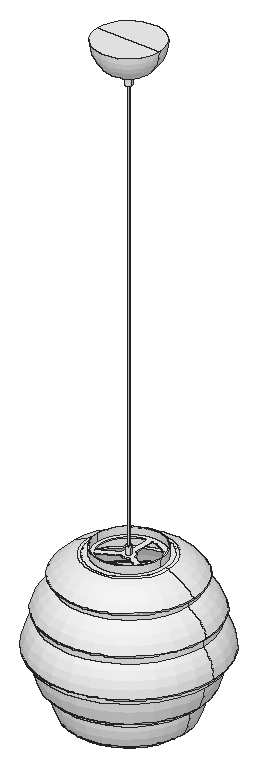
Revit family "Artek_Lighting_Pendant Light A331 “Beehive“_A331 Beehive_quick_ship", category Lighting Fixtures, Revit 2018
Family settings
  Round Connector Dimension = Use Diameter
  Part Type = Normal
  OmniClass Number = 23.80.70.00
  OmniClass Title = Lighting
  Work Plane-Based = No
  Always vertical = Yes
  Cut with Voids When Loaded = No
  Light Source = Yes
  Shared = No
  Room Calculation Point = No
Parameters (values of type "A331 "Beehive", 29100402")
  Wattage = 9.2903 W
  WarrantyStartDate [instance] = "n/a"
  WarrantyGuarantorParts = "n/a"
  WarrantyGuarantorLabor = "n/a"
  WarrantyDurationUnit = "Years"
  WarrantyDurationParts = "n/a"
  WarrantyDurationLabor = "n/a"
  WarrantyDescription = "n/a"
  built-in parameter 1150110 = 1 (stored number, unit not read)
  VersionDate = "11/3/2020"  # constant formula
  Version = "1"  # constant formula
  UsageCurrent = 0 A
  Uniclass2015Reference = "Pr_70_70_48_62"
  Uniclass2015Description = "Pendant  luminaires"
  Uniclass2 = "Pr_70_70_49_86"
  URL = "https://www.artek.fi/en/products/pendant-light-a331-beehive"
  TotalWattage = 12 W
  built-in parameter 1114217 = 1 (stored number, unit not read)
  built-in parameter 1150109 = 1 (stored number, unit not read)
  built-in parameter 1150134 = (empty or 0)
  TagNumber [instance] = "n/a"
  SustainabilityPerformance = "n/a"
  built-in parameter 1150113 = 1 (stored number, unit not read)
  Socket = "E27"
  Size = "330x300x330 mm"
  Shape = "Sculptured"
  SerialNumber [instance] = "n/a"
  Revision = "n/a"
  ReplacementCost = "n/a"
  ProductInformation = "The A331, nicknamed “Beehive,” is one of Alvar Aalto’s most popular lighting designs."
  Product data url = ""
  PhaseReference = "n/a"
  PhaseAngle = 0.00°
  NumberOfSources = 0
  NumberOfPoles = 1
  NominalWidth = 330 mm
  NominalVoltageCalc = 0 V
  NominalVoltage = 240 V
  NominalRadius = NominalDiameter / 2  # 165 mm
  NominalLength = 330 mm
  NominalHeight [instance] = CableLengthControl + 299.8 mm + 77.2 mm  # 1177 mm
  NominalFrequencyRange = 60 Hz
  NominalDiameter = NominalLength  # 330 mm
  NominalCurrent = 0 A
  Name = "A331 \"Beehive\""
  NBSReference = "90-60-50/405"
  NBSDescription = "General purpose luminaires"
  ModelReference = "n/a"
  ModelNumber = "29100402"
  Model = "A331 \"Beehive\", 29100402"
  Material = "Steel, powder coated"
  ManufacturersSpecificInformation = "This luminaire is compatible with bulbs of the energy classes: A to G"
  ManufacturerURL = "https://www.artek.fi/"
  ManufacturerName = "Artek"
  Manufacturer = "Artek"
  MaintenanceFactor = 0
  Lumens = 1380 lm
  built-in parameter 1150115 = 1 (stored number, unit not read)
  built-in parameter 1150105 = 109.82 (stored number, unit not read)
  LightFixtureTertiaryMaterial = White plastic
  LightFixtureSecondaryMaterial = Chrome
  LightFixturePlacingType = "Ceiling"
  LightFixtureMountingType = "Suspended"
  LightFixtureMainMaterial = White Steel
  Light Source Symbol Size = 609.6 mm
  built-in parameter 1150137 = (empty or 0)
  built-in parameter 1150139 = (empty or 0)
  built-in parameter 1150112 = 1 (stored number, unit not read)
  built-in parameter 1150114 = 1 (stored number, unit not read)
  InsulationStandardClass = "Class II"
  InstallationDate [instance] = "n/a"
  built-in parameter 1150132 = 2
  built-in parameter 1150102 = (empty or 0)
  built-in parameter 1150138 = (empty or 0)
  built-in parameter 1150107 = 3000 (stored number, unit not read)
  built-in parameter 1150106 = 1.0982 (stored number, unit not read)
  IfcExportType = "NOTDEFINED"  # constant formula
  IfcExportAs = "IfcLightFixtureType"  # constant formula
  IP_Code = "IP20"
  HasProtectiveEarth = no
  Grade = "n/a"
  Finish = "n/a"
  Features = "n/a"
  ExpectedLife = "n/a"
  ElectricalDeviceNominalPower = 0
  built-in parameter 1150104 = 13.8 (stored number, unit not read)
  DurationUnit = "Years"
  Dimming Lamp Color Temperature Shift = <None>
  Designer = "Alvar Aalto"
  Description = "The A331, nicknamed “Beehive,” is one of Alvar Aalto’s most popular lighting designs."
  DefaultElevation = 0 mm
  ConvergoRefNr = "0190-2009-0055-FI"  # constant formula
  Constituents = "n/a"
  Color Filter = 16777215
  Color = "White"
  Collection = "Pendant Lights"
  CodePerformance = "n/a"
  Category = "Lighting"
  CableLengthControl [instance] = if(CableLength < 250 mm, 250 mm, if(CableLength > 1500 mm, 1500 mm, CableLength))  # 800 mm
  CableLength [instance] = 800 mm
  Brand = "Artek"
  Barcode [instance] = "n/a"
  built-in parameter 1114218 = 1 (stored number, unit not read)
  BIMObjectName = "Artek_Lighting_Pendant Light A331 “Beehive“_A331 Beehive_quick_ship"  # constant formula
  Author = "Convergo AB"  # constant formula
  built-in parameter 1150133 = 10 (stored number, unit not read)
  AssetType = "Fixed"
  AssetIdentifier [instance] = "n/a"
  ArticleNumber = "29100402"
  AccessibilityPerformance = "n/a"
Reference planes
  plane 1 "Light Source Axis (F/B)": y = 0
  plane 2: z = 0
  plane 3 "Light Source Axis (L/R)": x = 0
  plane 4 "Light Source Elevation": z = 121.955
  plane 5: x = -165
  plane 6: x = 165
  plane 7: y = 165
  plane 8: y = -165
  plane 9: z = 1177
Dimensions and locks
  equal spacing: plane 5, plane 3 "Light Source Axis (L/R)", plane 6
  "NominalLength": plane 5 to plane 6
  equal spacing: plane 7, plane 1 "Light Source Axis (F/B)", plane 8
  "NominalWidth": plane 7 to plane 8
  "NominalHeight": plane 9 to plane 2
  aligned and locked: plane 3 "Light Source Axis (L/R)" to imposter light
  aligned and locked: plane 1 "Light Source Axis (F/B)" to imposter light
  aligned and locked: plane 4 "Light Source Elevation" to imposter light
  aligned and locked: level to plane 2
  aligned and locked: plane 4 "Light Source Elevation" to nested 1
  aligned and locked: nested 1 to plane 2
Nested families
  nested 1: "A331" at (0, 0, 0), Border <- "LightFixtureSecondaryMaterial", Cable <- "LightFixtureTertiaryMaterial", Body <- "LightFixtureMainMaterial", CableLength <- "CableLengthControl", type "A331"
    with CableLength 800 mm, Cable White plastic, Border Chrome, Body White Steel
Connectors
  electrical at (0, 0, 1177)
    settings: on nested 1, index 1, voltage 240 V, apparent load 0 VA, apparent load phase1 0 VA, apparent load phase2 0 VA, apparent load phase3 0 VA, power factor 1, load classification "Other", number of poles 1, system type 31, power factor state 1, is connector primary yes, connector utility no, sub classification motor no, connector description ""
Definition of nested family "A331"
  Parameters (values of type "A331")
    CableLength [instance] = 800 mm
    Cable [instance] = none
    Border [instance] = none
    Body [instance] = none
  Reference planes
    plane 1 "Center (Front/Back)": y = 0
    plane 2: z = 0
    plane 3 "Center (Left/Right)": x = 0
    plane 4: z = 299.8
    plane 5: z = 1099.8
  Forms (mm)
    Revolve 1, solid, material <- "Body", detail levels medium+fine
      sketch origin (0, 0, 0) x (1, 0, 0) y (0, 0, 1)
        loop
          line (0, 1177) -> (-60, 1177)
          arc (-60, 1177) -> (-44.472, 1136.936) -> (-6, 1117.8) r 59.45
          line (-6, 1117.8) -> (-6, 1099.8) -> (0, 1099.8) -> (0, 1177)
        loop
          arc (-125.612, 250.172) -> (-125.417, 248.874) -> (-124.109, 248.982) r 0.961
          arc (-124.109, 248.982) -> (-98.824, 270.029) -> (-68.722, 283.3) r 118.316
          line (-68.722, 283.3) -> (-52.46, 283.3) -> (-52.46, 284.8) -> (-72.549, 284.8)
          arc (-72.549, 284.8) -> (-75.107, 284.631) -> (-77.62, 284.128) r 19.48
          arc (-77.62, 284.128) -> (-104.639, 271.423) -> (-125.612, 250.172) r 85.162
        loop
          line (0, 299.8) -> (-3.6, 299.8) -> (-4.1, 299.183) -> (-4.1, 284.8) -> (0, 284.8) -> (0, 299.8)
        loop
          arc (-150.828, 190.31) -> (-150, 188.666) -> (-148.324, 189.426) r 1.329
          arc (-148.324, 189.426) -> (-130.848, 217.037) -> (-104.6, 236.5) r 89.182
          line (-104.6, 236.5) -> (-111.3, 236.5)
          arc (-111.3, 236.5) -> (-135.856, 217.506) -> (-150.828, 190.31) r 76.402
        loop
          arc (-164.816, 122.978) -> (-163.884, 121.961) -> (-162.837, 122.858) r 0.992
          arc (-162.837, 122.858) -> (-154.901, 151.882) -> (-137.6, 176.5) r 87.486
          line (-137.6, 176.5) -> (-141.8, 176.5)
          arc (-141.8, 176.5) -> (-158.445, 151.948) -> (-164.816, 122.978) r 78.677
        loop
          arc (-149.4, 114.5) -> (-145.976, 89.83) -> (-137.721, 66.331) r 124.766
          arc (-137.721, 66.331) -> (-134.826, 65.292) -> (-133.805, 68.193) r 2.168
          arc (-133.805, 68.193) -> (-141.717, 90.748) -> (-144.4, 114.5) r 106.491
          line (-144.4, 114.5) -> (-149.4, 114.5)
        loop
          arc (-120.5, 57.8) -> (-117.387, 33.289) -> (-108.104, 10.392) r 95.713
          arc (-108.104, 10.392) -> (-105.508, 9.643) -> (-104.705, 12.223) r 1.931
          arc (-104.705, 12.223) -> (-112.913, 34.358) -> (-115.699, 57.8) r 99.912
          line (-115.699, 57.8) -> (-120.5, 57.8)
        axis (0, 1177) -> (0, 10.392)
      angle from 0 to 360
    Extrusion 2, solid, material <- "Body", detail levels medium+fine
      sketch origin (0, 0, 0) x (1, 0, 0) y (0, 1, 0)
        loop
          line (-12.422, -1.398) -> (-48.032, -21.958) -> (-52.8, -30.5) -> (-43.001, -30.6) -> (-7.422, -10.058)
          arc (-7.422, -10.058) -> (0, -12.5) -> (7.422, -10.058) r 12.5
          line (7.422, -10.058) -> (43.001, -30.6) -> (52.8, -30.5) -> (48.032, -21.958) -> (12.422, -1.398)
          arc (12.422, -1.398) -> (10.825, 6.25) -> (5, 11.456) r 12.5
          line (5, 11.456) -> (5, 52.5) -> (0, 61) -> (-5, 52.5) -> (-5, 11.456)
          arc (-5, 11.456) -> (-10.825, 6.25) -> (-12.422, -1.398) r 12.5
      from 283.3 to 284.8
    Extrusion 3, solid, material <- "Border", detail levels medium+fine
      sketch origin (0, 0, 0) x (1, 0, 0) y (0, 1, 0)
        loop
          circle (0, 0) r 62.5
        loop
          circle (0, 0) r 61.5
      from 282.9 to 297.9
    Extrusion 4, solid, material <- "Border", detail levels medium+fine
      sketch origin (0, 0, 0) x (1, 0, 0) y (0, 1, 0)
        loop
          circle (0, 0) r 116
        loop
          circle (0, 0) r 115
      from 234.5 to 249.5
    Extrusion 5, solid, material <- "Border", detail levels medium+fine
      sketch origin (0, 0, 0) x (1, 0, 0) y (0, 1, 0)
        loop
          circle (0, 0) r 144.5
        loop
          circle (0, 0) r 143.5
      from 174.5 to 189.5
    Extrusion 6, solid, material <- "Border", detail levels medium+fine
      sketch origin (0, 0, 0) x (1, 0, 0) y (0, 1, 0)
        loop
          circle (0, 0) r 154
        loop
          circle (0, 0) r 155
      from 110 to 125
    Extrusion 7, solid, material <- "Border", detail levels medium+fine
      sketch origin (0, 0, 0) x (1, 0, 0) y (0, 1, 0)
        loop
          circle (0, 0) r 125.5
        loop
          circle (0, 0) r 124.5
      from 55 to 70
    Extrusion 8, solid, material <- "Border", detail levels medium+fine
      sketch origin (0, 0, 0) x (1, 0, 0) y (0, 1, 0)
        loop
          circle (0, 0) r 94
        loop
          circle (0, 0) r 95
      from 0 to 15
    Extrusion 9, solid, material <- "Cable", detail levels medium+fine
      sketch origin (0, 0, 0) x (1, 0, 0) y (0, 1, 0)
        loop
          circle (0, 0) r 2
      from 299.8 to 1099.8
    Extrusion 10, solid, material <- "Body", detail levels coarse
      sketch origin (0, 0, 0) x (1, 0, 0) y (0, 1, 0)
        loop
          line (-165, 0) -> (-165, -165) -> (0, -165) -> (165, -165) -> (165, 0) -> (165, 165) -> (0, 165) -> (-165, 165) -> (-165, 0)
      from 0 to 1177
  Cuts and joins
    joined: Revolve 1, Extrusion 2
  Lines and regions (mm)
    symbolic lines, detail levels medium+fine
      curve 1: line (0, 0, 1177) -> (-60, 0, 1177)
      curve 2: arc (-6, 0, 1117.8) -> (-44.472, 0, 1136.936) -> (-60, 0, 1177) r 59.45
      curve 3: line (-6, 0, 1117.8) -> (-6, 0, 1099.8)
      curve 4: line (-6, 0, 1099.8) -> (-2, 0, 1099.8)
      curve 5: line (-2, 0, 1099.8) -> (-2, 0, 299.8)
      curve 6: line (-2, 0, 299.8) -> (-3.6, 0, 299.8)
      curve 7: line (-3.6, 0, 299.8) -> (-4.1, 0, 299.183)
      curve 8: line (-4.1, 0, 299.183) -> (-4.1, 0, 297.9)
      curve 9: line (-4.1, 0, 297.9) -> (-62.5, 0, 297.9)
      curve 10: line (-62.5, 0, 297.9) -> (-62.5, 0, 284.761)
      curve 11: line (-62.5, 0, 284.761) -> (-71.772, 0, 284.761)
      curve 12: arc (-71.772, 0, 284.761) -> (-76, 0, 284.442) -> (-80.133, 0, 283.491) r 28.163
      curve 13: arc (-80.133, 0, 283.491) -> (-105.624, 0, 270.645) -> (-125.563, 0, 250.219) r 86.714
      curve 14: arc (-125.563, 0, 250.219) -> (-125.594, 0, 249.127) -> (-124.605, 0, 248.661) r 0.998
      curve 15: line (-124.605, 0, 248.661) -> (-116.015, 0, 248.661)
      curve 16: line (-116.015, 0, 248.661) -> (-116.015, 0, 234.49)
      curve 17: line (-116.015, 0, 234.49) -> (-114.963, 0, 234.49)
      curve 18: line (-114.963, 0, 234.49) -> (-116.783, 0, 233.439)
      curve 19: arc (-116.783, 0, 233.439) -> (-137.948, 0, 215.142) -> (-150.852, 0, 190.319) r 74.355
      curve 20: arc (-150.852, 0, 190.319) -> (-150.599, 0, 189.073) -> (-149.423, 0, 188.589) r 1.351
      curve 21: line (-149.423, 0, 188.589) -> (-144.514, 0, 188.589)
      curve 22: line (-144.514, 0, 188.589) -> (-144.514, 0, 174.501)
      curve 23: line (-144.514, 0, 174.501) -> (-143.707, 0, 174.501)
      curve 24: line (-143.707, 0, 174.501) -> (-144.409, 0, 173.721)
      curve 25: arc (-144.409, 0, 173.721) -> (-159.111, 0, 150.149) -> (-164.817, 0, 122.96) r 79.604
      curve 26: arc (-164.817, 0, 122.96) -> (-164.496, 0, 122.203) -> (-163.713, 0, 121.955) r 0.982
      curve 27: line (-163.713, 0, 121.955) -> (-155.007, 0, 121.955)
      curve 28: line (-155.007, 0, 121.955) -> (-155.007, 0, 108.004)
      curve 29: line (-155.007, 0, 108.004) -> (-148.951, 0, 108.004)
      curve 30: arc (-137.83, 0, 66.465) -> (-145.222, 0, 86.744) -> (-148.951, 0, 108.004) r 122.808
      curve 31: arc (-135.707, 0, 65.057) -> (-136.966, 0, 65.463) -> (-137.83, 0, 66.465) r 2.447
      curve 32: line (-135.707, 0, 65.057) -> (-125.49, 0, 65.057)
      curve 33: line (-125.49, 0, 65.057) -> (-125.49, 0, 51.077)
      curve 34: line (-125.49, 0, 51.077) -> (-120.38, 0, 51.077)
      curve 35: arc (-111.999, 0, 13.964) -> (-118.259, 0, 32.053) -> (-120.38, 0, 51.077) r 86.354
      curve 36: line (-111.999, 0, 13.964) -> (-95.002, 0, 13.964)
      curve 37: line (-95.002, 0, 13.964) -> (-95.002, 0, 0)
      curve 38: line (-95.002, 0, 0) -> (0, 0, 0)
      curve 51: line (0, 0, 1177) -> (60, 0, 1177)
      curve 52: arc (6, 0, 1117.8) -> (44.472, 0, 1136.936) -> (60, 0, 1177) r 59.45
      curve 53: line (6, 0, 1117.8) -> (6, 0, 1099.8)
      curve 54: line (6, 0, 1099.8) -> (2, 0, 1099.8)
      curve 55: line (2, 0, 1099.8) -> (2, 0, 299.8)
      curve 56: line (2, 0, 299.8) -> (3.6, 0, 299.8)
      curve 57: line (3.6, 0, 299.8) -> (4.1, 0, 299.183)
      curve 58: line (4.1, 0, 299.183) -> (4.1, 0, 297.9)
      curve 59: line (4.1, 0, 297.9) -> (62.5, 0, 297.9)
      curve 60: line (62.5, 0, 297.9) -> (62.5, 0, 284.761)
      curve 61: line (62.5, 0, 284.761) -> (71.772, 0, 284.761)
      curve 62: arc (71.772, 0, 284.761) -> (76, 0, 284.442) -> (80.133, 0, 283.491) r 28.163
      curve 63: arc (80.133, 0, 283.491) -> (105.624, 0, 270.645) -> (125.563, 0, 250.219) r 86.714
      curve 64: arc (125.563, 0, 250.219) -> (125.594, 0, 249.127) -> (124.605, 0, 248.661) r 0.998
      curve 65: line (124.605, 0, 248.661) -> (116.015, 0, 248.661)
      curve 66: line (116.015, 0, 248.661) -> (116.015, 0, 234.49)
      curve 67: line (116.015, 0, 234.49) -> (114.963, 0, 234.49)
      curve 68: line (114.963, 0, 234.49) -> (116.783, 0, 233.439)
      curve 69: arc (116.783, 0, 233.439) -> (137.948, 0, 215.142) -> (150.852, 0, 190.319) r 74.355
      curve 70: arc (150.852, 0, 190.319) -> (150.599, 0, 189.073) -> (149.423, 0, 188.589) r 1.351
      curve 71: line (149.423, 0, 188.589) -> (144.514, 0, 188.589)
      curve 72: line (144.514, 0, 188.589) -> (144.514, 0, 174.501)
      curve 73: line (144.514, 0, 174.501) -> (143.707, 0, 174.501)
      curve 74: line (143.707, 0, 174.501) -> (144.409, 0, 173.721)
      curve 75: arc (144.409, 0, 173.721) -> (159.111, 0, 150.149) -> (164.817, 0, 122.96) r 79.604
      curve 76: arc (164.817, 0, 122.96) -> (164.496, 0, 122.203) -> (163.713, 0, 121.955) r 0.982
      curve 77: line (163.713, 0, 121.955) -> (155.007, 0, 121.955)
      curve 78: line (155.007, 0, 121.955) -> (155.007, 0, 108.004)
      curve 79: line (155.007, 0, 108.004) -> (148.951, 0, 108.004)
      curve 80: arc (137.83, 0, 66.465) -> (145.222, 0, 86.744) -> (148.951, 0, 108.004) r 122.808
      curve 81: arc (135.707, 0, 65.057) -> (136.966, 0, 65.463) -> (137.83, 0, 66.465) r 2.447
      curve 82: line (135.707, 0, 65.057) -> (125.49, 0, 65.057)
      curve 83: line (125.49, 0, 65.057) -> (125.49, 0, 51.077)
      curve 84: line (125.49, 0, 51.077) -> (120.38, 0, 51.077)
      curve 85: arc (111.999, 0, 13.964) -> (118.259, 0, 32.053) -> (120.38, 0, 51.077) r 86.354
      curve 86: line (111.999, 0, 13.964) -> (95.002, 0, 13.964)
      curve 87: line (95.002, 0, 13.964) -> (95.002, 0, 0)
      curve 88: line (95.002, 0, 0) -> (0, 0, 0)
      curve 103: line (0, 0, 1177) -> (0, 60, 1177)
      curve 104: arc (0, 6, 1117.8) -> (0, 44.472, 1136.936) -> (0, 60, 1177) r 59.45
      curve 105: line (0, 6, 1117.8) -> (0, 6, 1099.8)
      curve 106: line (0, 6, 1099.8) -> (0, 2, 1099.8)
      curve 107: line (0, 2, 1099.8) -> (0, 2, 299.8)
      curve 108: line (0, 2, 299.8) -> (0, 3.6, 299.8)
      curve 109: line (0, 3.6, 299.8) -> (0, 4.1, 299.183)
      curve 110: line (0, 4.1, 299.183) -> (0, 4.1, 297.9)
      curve 111: line (0, 4.1, 297.9) -> (0, 62.5, 297.9)
      curve 112: line (0, 62.5, 297.9) -> (0, 62.5, 284.817)
      curve 113: line (0, 62.5, 284.817) -> (0, 71.663, 284.817)
      curve 114: arc (0, 71.663, 284.817) -> (0, 75.002, 284.617) -> (0, 78.293, 284.019) r 27.95
      curve 115: arc (0, 78.293, 284.019) -> (0, 105.327, 271.604) -> (0, 125.782, 250.004) r 78.337
      curve 116: arc (0, 125.782, 250.004) -> (0, 125.794, 249.086) -> (0, 124.977, 248.666) r 0.872
      curve 117: line (0, 124.977, 248.666) -> (0, 116.011, 248.666)
      curve 118: line (0, 116.011, 248.666) -> (0, 116.011, 234.5)
      curve 119: line (0, 116.011, 234.5) -> (0, 115, 234.5)
      curve 120: line (0, 115, 234.5) -> (0, 116.535, 233.614)
      curve 121: arc (0, 116.535, 233.614) -> (0, 137.802, 215.26) -> (0, 150.824, 190.368) r 74.995
      curve 122: arc (0, 150.824, 190.368) -> (0, 150.518, 189.019) -> (0, 149.202, 188.592) r 1.4
      curve 123: line (0, 149.202, 188.592) -> (0, 144.49, 188.592)
      curve 124: line (0, 144.49, 188.592) -> (0, 144.49, 174.5)
      curve 125: line (0, 144.49, 174.5) -> (0, 143.683, 174.5)
      curve 126: line (0, 143.683, 174.5) -> (0, 144.405, 173.777)
      curve 127: arc (0, 144.405, 173.777) -> (0, 149.898, 167.426) -> (0, 154.418, 160.35) r 58.088
      curve 128: arc (0, 154.418, 160.35) -> (0, 161.681, 142.505) -> (0, 164.895, 123.508) r 88.164
      curve 129: arc (0, 164.895, 123.508) -> (0, 164.47, 122.391) -> (0, 163.354, 121.964) r 1.462
      curve 130: line (0, 163.354, 121.964) -> (0, 155.003, 121.964)
      curve 131: line (0, 155.003, 121.964) -> (0, 155.003, 108)
      curve 132: line (0, 155.003, 108) -> (0, 149.128, 108)
      curve 133: arc (0, 138.344, 65.634) -> (0, 146.389, 86.141) -> (0, 149.128, 108) r 88.615
      curve 134: arc (0, 135.308, 63.93) -> (0, 137.064, 64.357) -> (0, 138.344, 65.634) r 3.356
      curve 135: line (0, 135.308, 63.93) -> (0, 125.538, 63.93)
      curve 136: line (0, 125.538, 63.93) -> (0, 125.538, 49.9)
      curve 137: line (0, 125.538, 49.9) -> (0, 120.387, 49.9)
      curve 138: arc (0, 112.486, 14.043) -> (0, 118.388, 31.542) -> (0, 120.387, 49.9) r 85.315
      curve 139: line (0, 112.486, 14.043) -> (0, 95.125, 14.043)
      curve 140: line (0, 95.125, 14.043) -> (0, 95.125, 0)
      curve 141: line (0, 95.125, 0) -> (0, 0, 0)
      curve 156: line (0, 0, 1177) -> (0, -60, 1177)
      curve 157: arc (0, -6, 1117.8) -> (0, -44.472, 1136.936) -> (0, -60, 1177) r 59.45
      curve 158: line (0, -6, 1117.8) -> (0, -6, 1099.8)
      curve 159: line (0, -6, 1099.8) -> (0, -2, 1099.8)
      curve 160: line (0, -2, 1099.8) -> (0, -2, 299.8)
      curve 161: line (0, -2, 299.8) -> (0, -3.6, 299.8)
      curve 162: line (0, -3.6, 299.8) -> (0, -4.1, 299.183)
      curve 163: line (0, -4.1, 299.183) -> (0, -4.1, 297.9)
      curve 164: line (0, -4.1, 297.9) -> (0, -62.5, 297.9)
      curve 165: line (0, -62.5, 297.9) -> (0, -62.5, 284.817)
      curve 166: line (0, -62.5, 284.817) -> (0, -71.663, 284.817)
      curve 167: arc (0, -71.663, 284.817) -> (0, -75.002, 284.617) -> (0, -78.293, 284.019) r 27.95
      curve 168: arc (0, -78.293, 284.019) -> (0, -105.327, 271.604) -> (0, -125.782, 250.004) r 78.337
      curve 169: arc (0, -125.782, 250.004) -> (0, -125.794, 249.086) -> (0, -124.977, 248.666) r 0.872
      curve 170: line (0, -124.977, 248.666) -> (0, -116.011, 248.666)
      curve 171: line (0, -116.011, 248.666) -> (0, -116.011, 234.5)
      curve 172: line (0, -116.011, 234.5) -> (0, -115, 234.5)
      curve 173: line (0, -115, 234.5) -> (0, -116.535, 233.614)
      curve 174: arc (0, -116.535, 233.614) -> (0, -137.802, 215.26) -> (0, -150.824, 190.368) r 74.995
      curve 175: arc (0, -150.824, 190.368) -> (0, -150.518, 189.019) -> (0, -149.202, 188.592) r 1.4
      curve 176: line (0, -149.202, 188.592) -> (0, -144.49, 188.592)
      curve 177: line (0, -144.49, 188.592) -> (0, -144.49, 174.5)
      curve 178: line (0, -144.49, 174.5) -> (0, -143.683, 174.5)
      curve 179: line (0, -143.683, 174.5) -> (0, -144.405, 173.777)
      curve 180: arc (0, -144.405, 173.777) -> (0, -149.898, 167.426) -> (0, -154.418, 160.35) r 58.088
      curve 181: arc (0, -154.418, 160.35) -> (0, -161.681, 142.505) -> (0, -164.895, 123.508) r 88.164
      curve 182: arc (0, -164.895, 123.508) -> (0, -164.47, 122.391) -> (0, -163.354, 121.964) r 1.462
      curve 183: line (0, -163.354, 121.964) -> (0, -155.003, 121.964)
      curve 184: line (0, -155.003, 121.964) -> (0, -155.003, 108)
      curve 185: line (0, -155.003, 108) -> (0, -149.128, 108)
      curve 186: arc (0, -138.344, 65.634) -> (0, -146.389, 86.141) -> (0, -149.128, 108) r 88.615
      curve 187: arc (0, -135.308, 63.93) -> (0, -137.064, 64.357) -> (0, -138.344, 65.634) r 3.356
      curve 188: line (0, -135.308, 63.93) -> (0, -125.538, 63.93)
      curve 189: line (0, -125.538, 63.93) -> (0, -125.538, 49.9)
      curve 190: line (0, -125.538, 49.9) -> (0, -120.387, 49.9)
      curve 191: arc (0, -112.486, 14.043) -> (0, -118.388, 31.542) -> (0, -120.387, 49.9) r 85.315
      curve 192: line (0, -112.486, 14.043) -> (0, -95.125, 14.043)
      curve 193: line (0, -95.125, 14.043) -> (0, -95.125, 0)
      curve 194: line (0, -95.125, 0) -> (0, 0, 0)
      curve 212: circle (0, 0, 0) r 165 normal (0, 0, 1)
    symbolic lines, detail levels fine
      curve 39: line (-6, 0, 1117.8) -> (0, 0, 1117.8)
      curve 40: line (-4.1, 0, 297.9) -> (0, 0, 297.9)
      curve 41: line (-62.5, 0, 284.761) -> (0, 0, 284.761)
      curve 42: line (-116.015, 0, 248.661) -> (0, 0, 248.661)
      curve 43: line (-114.963, 0, 234.49) -> (0, 0, 234.49)
      curve 44: line (-144.514, 0, 188.589) -> (0, 0, 188.589)
      curve 45: line (-143.707, 0, 174.501) -> (0, 0, 174.501)
      curve 46: line (-155.007, 0, 121.955) -> (0, 0, 121.955)
      curve 47: line (-148.951, 0, 108.004) -> (0, 0, 108.004)
      curve 48: line (-125.49, 0, 65.057) -> (0, 0, 65.057)
      curve 49: line (-120.38, 0, 51.077) -> (0, 0, 51.077)
      curve 50: line (-95.002, 0, 13.964) -> (0, 0, 13.964)
      curve 89: line (6, 0, 1117.8) -> (0, 0, 1117.8)
      curve 90: line (2, 0, 1099.8) -> (0, 0, 1099.8)
      curve 91: line (2, 0, 299.8) -> (0, 0, 299.8)
      curve 92: line (4.1, 0, 297.9) -> (0, 0, 297.9)
      curve 93: line (62.5, 0, 284.761) -> (0, 0, 284.761)
      curve 94: line (116.015, 0, 248.661) -> (0, 0, 248.661)
      curve 95: line (114.963, 0, 234.49) -> (0, 0, 234.49)
      curve 96: line (144.514, 0, 188.589) -> (0, 0, 188.589)
      curve 97: line (143.707, 0, 174.501) -> (0, 0, 174.501)
      curve 98: line (155.007, 0, 121.955) -> (0, 0, 121.955)
      curve 99: line (148.951, 0, 108.004) -> (0, 0, 108.004)
      curve 100: line (125.49, 0, 65.057) -> (0, 0, 65.057)
      curve 101: line (120.38, 0, 51.077) -> (0, 0, 51.077)
      curve 102: line (95.002, 0, 13.964) -> (0, 0, 13.964)
      curve 142: line (0, 6, 1117.8) -> (0, 0, 1117.8)
      curve 143: line (0, 2, 1099.8) -> (0, 0, 1099.8)
      curve 144: line (0, 2, 299.8) -> (0, 0, 299.8)
      curve 145: line (0, 4.1, 297.9) -> (0, 0, 297.9)
      curve 146: line (0, 62.5, 284.817) -> (0, 0.073, 284.817)
      curve 147: line (0, 116.011, 248.666) -> (0, 0, 248.666)
      curve 148: line (0, 115, 234.5) -> (0, 0, 234.5)
      curve 149: line (0, 144.49, 188.592) -> (0, 0, 188.592)
      curve 150: line (0, 143.683, 174.5) -> (0, 0, 174.5)
      curve 151: line (0, 155.003, 121.964) -> (0, 0, 121.964)
      curve 152: line (0, 149.128, 108) -> (0, 0, 108)
      curve 153: line (0, 125.538, 63.93) -> (0, 0, 63.93)
      curve 154: line (0, 120.387, 49.9) -> (0, 0, 49.9)
      curve 155: line (0, 95.125, 14.043) -> (0, 0, 14.043)
      curve 195: line (0, -6, 1117.8) -> (0, 0, 1117.8)
      curve 196: line (0, -2, 1099.8) -> (0, 0, 1099.8)
      curve 197: line (0, -2, 299.8) -> (0, 0, 299.8)
      curve 198: line (0, -4.1, 297.9) -> (0, 0, 297.9)
      curve 199: line (0, -62.5, 284.817) -> (0, -0.073, 284.817)
      curve 200: line (0, -116.011, 248.666) -> (0, 0, 248.666)
      curve 201: line (0, -115, 234.5) -> (0, 0, 234.5)
      curve 202: line (0, -144.49, 188.592) -> (0, 0, 188.592)
      curve 203: line (0, -143.683, 174.5) -> (0, 0, 174.5)
      curve 204: line (0, -155.003, 121.964) -> (0, 0, 121.964)
      curve 205: line (0, -149.128, 108) -> (0, 0, 108)
      curve 206: line (0, -125.538, 63.93) -> (0, 0, 63.93)
      curve 207: line (0, -120.387, 49.9) -> (0, 0, 49.9)
      curve 208: line (0, -95.125, 14.043) -> (0, 0, 14.043)
      curve 209: circle (0, 0, 0) r 62.5 normal (0, 0, 1)
      curve 210: circle (0, 0, 0) r 125.5 normal (0, 0, 1)
      curve 211: circle (0, 0, 0) r 150.852 normal (0, 0, 1)
      curve 213: line (-2, 0, 299.8) -> (0, 0, 299.8)
      curve 214: line (-2, 0, 1099.8) -> (0, 0, 1099.8)
      curve 215: spline (-112.05, 0, 235.603) -> (-111.717, 0, 235.806) -> (-111.407, 0, 236.403) -> (-111.141, 0, 237.352) -> (-110.936, 0, 238.589) -> (-110.808, 0, 240.03) -> (-110.764, 0, 241.576) -> (-110.808, 0, 243.121) -> (-110.936, 0, 244.562) -> (-111.141, 0, 245.799) -> (-111.407, 0, 246.748) -> (-111.717, 0, 247.345) -> (-112.05, 0, 247.548) -> (-112.383, 0, 247.345) -> (-112.693, 0, 246.748) -> (-112.959, 0, 245.799) -> (-113.163, 0, 244.562) -> (-113.292, 0, 243.121) -> (-113.336, 0, 241.576) -> (-113.292, 0, 240.03) -> (-113.163, 0, 238.589) -> (-112.959, 0, 237.352) -> (-112.693, 0, 236.403) -> (-112.383, 0, 235.806) -> (-112.05, 0, 235.603)
      curve 216: spline (-107.978, 0, 235.603) -> (-107.646, 0, 235.806) -> (-107.335, 0, 236.403) -> (-107.069, 0, 237.352) -> (-106.865, 0, 238.589) -> (-106.736, 0, 240.03) -> (-106.693, 0, 241.576) -> (-106.736, 0, 243.121) -> (-106.865, 0, 244.562) -> (-107.069, 0, 245.799) -> (-107.335, 0, 246.748) -> (-107.646, 0, 247.345) -> (-107.978, 0, 247.548) -> (-108.311, 0, 247.345) -> (-108.621, 0, 246.748) -> (-108.888, 0, 245.799) -> (-109.092, 0, 244.562) -> (-109.22, 0, 243.121) -> (-109.264, 0, 241.576) -> (-109.22, 0, 240.03) -> (-109.092, 0, 238.589) -> (-108.888, 0, 237.352) -> (-108.621, 0, 236.403) -> (-108.311, 0, 235.806) -> (-107.978, 0, 235.603)
      curve 217: spline (-103.907, 0, 235.603) -> (-103.574, 0, 235.806) -> (-103.264, 0, 236.403) -> (-102.998, 0, 237.352) -> (-102.793, 0, 238.589) -> (-102.665, 0, 240.03) -> (-102.621, 0, 241.576) -> (-102.665, 0, 243.121) -> (-102.793, 0, 244.562) -> (-102.998, 0, 245.799) -> (-103.264, 0, 246.748) -> (-103.574, 0, 247.345) -> (-103.907, 0, 247.548) -> (-104.24, 0, 247.345) -> (-104.55, 0, 246.748) -> (-104.816, 0, 245.799) -> (-105.02, 0, 244.562) -> (-105.149, 0, 243.121) -> (-105.193, 0, 241.576) -> (-105.149, 0, 240.03) -> (-105.02, 0, 238.589) -> (-104.816, 0, 237.352) -> (-104.55, 0, 236.403) -> (-104.24, 0, 235.806) -> (-103.907, 0, 235.603)
      curve 218: spline (-99.835, 0, 235.603) -> (-99.502, 0, 235.806) -> (-99.192, 0, 236.403) -> (-98.926, 0, 237.352) -> (-98.722, 0, 238.589) -> (-98.593, 0, 240.03) -> (-98.549, 0, 241.576) -> (-98.593, 0, 243.121) -> (-98.722, 0, 244.562) -> (-98.926, 0, 245.799) -> (-99.192, 0, 246.748) -> (-99.502, 0, 247.345) -> (-99.835, 0, 247.548) -> (-100.168, 0, 247.345) -> (-100.478, 0, 246.748) -> (-100.744, 0, 245.799) -> (-100.949, 0, 244.562) -> (-101.077, 0, 243.121) -> (-101.121, 0, 241.576) -> (-101.077, 0, 240.03) -> (-100.949, 0, 238.589) -> (-100.744, 0, 237.352) -> (-100.478, 0, 236.403) -> (-100.168, 0, 235.806) -> (-99.835, 0, 235.603)
      curve 219: spline (-95.764, 0, 235.603) -> (-95.431, 0, 235.806) -> (-95.121, 0, 236.403) -> (-94.855, 0, 237.352) -> (-94.65, 0, 238.589) -> (-94.522, 0, 240.03) -> (-94.478, 0, 241.576) -> (-94.522, 0, 243.121) -> (-94.65, 0, 244.562) -> (-94.855, 0, 245.799) -> (-95.121, 0, 246.748) -> (-95.431, 0, 247.345) -> (-95.764, 0, 247.548) -> (-96.096, 0, 247.345) -> (-96.407, 0, 246.748) -> (-96.673, 0, 245.799) -> (-96.877, 0, 244.562) -> (-97.006, 0, 243.121) -> (-97.049, 0, 241.576) -> (-97.006, 0, 240.03) -> (-96.877, 0, 238.589) -> (-96.673, 0, 237.352) -> (-96.407, 0, 236.403) -> (-96.096, 0, 235.806) -> (-95.764, 0, 235.603)
      curve 220: spline (-91.692, 0, 235.603) -> (-91.359, 0, 235.806) -> (-91.049, 0, 236.403) -> (-90.783, 0, 237.352) -> (-90.579, 0, 238.589) -> (-90.45, 0, 240.03) -> (-90.406, 0, 241.576) -> (-90.45, 0, 243.121) -> (-90.579, 0, 244.562) -> (-90.783, 0, 245.799) -> (-91.049, 0, 246.748) -> (-91.359, 0, 247.345) -> (-91.692, 0, 247.548) -> (-92.025, 0, 247.345) -> (-92.335, 0, 246.748) -> (-92.601, 0, 245.799) -> (-92.806, 0, 244.562) -> (-92.934, 0, 243.121) -> (-92.978, 0, 241.576) -> (-92.934, 0, 240.03) -> (-92.806, 0, 238.589) -> (-92.601, 0, 237.352) -> (-92.335, 0, 236.403) -> (-92.025, 0, 235.806) -> (-91.692, 0, 235.603)
      curve 221: spline (-87.621, 0, 235.603) -> (-87.288, 0, 235.806) -> (-86.978, 0, 236.403) -> (-86.711, 0, 237.352) -> (-86.507, 0, 238.589) -> (-86.379, 0, 240.03) -> (-86.335, 0, 241.576) -> (-86.379, 0, 243.121) -> (-86.507, 0, 244.562) -> (-86.711, 0, 245.799) -> (-86.978, 0, 246.748) -> (-87.288, 0, 247.345) -> (-87.621, 0, 247.548) -> (-87.953, 0, 247.345) -> (-88.263, 0, 246.748) -> (-88.53, 0, 245.799) -> (-88.734, 0, 244.562) -> (-88.863, 0, 243.121) -> (-88.906, 0, 241.576) -> (-88.863, 0, 240.03) -> (-88.734, 0, 238.589) -> (-88.53, 0, 237.352) -> (-88.263, 0, 236.403) -> (-87.953, 0, 235.806) -> (-87.621, 0, 235.603)
      curve 222: spline (-83.549, 0, 235.603) -> (-83.216, 0, 235.806) -> (-82.906, 0, 236.403) -> (-82.64, 0, 237.352) -> (-82.435, 0, 238.589) -> (-82.307, 0, 240.03) -> (-82.263, 0, 241.576) -> (-82.307, 0, 243.121) -> (-82.435, 0, 244.562) -> (-82.64, 0, 245.799) -> (-82.906, 0, 246.748) -> (-83.216, 0, 247.345) -> (-83.549, 0, 247.548) -> (-83.882, 0, 247.345) -> (-84.192, 0, 246.748) -> (-84.458, 0, 245.799) -> (-84.663, 0, 244.562) -> (-84.791, 0, 243.121) -> (-84.835, 0, 241.576) -> (-84.791, 0, 240.03) -> (-84.663, 0, 238.589) -> (-84.458, 0, 237.352) -> (-84.192, 0, 236.403) -> (-83.882, 0, 235.806) -> (-83.549, 0, 235.603)
      curve 223: spline (-79.477, 0, 235.603) -> (-79.145, 0, 235.806) -> (-78.835, 0, 236.403) -> (-78.568, 0, 237.352) -> (-78.364, 0, 238.589) -> (-78.235, 0, 240.03) -> (-78.192, 0, 241.576) -> (-78.235, 0, 243.121) -> (-78.364, 0, 244.562) -> (-78.568, 0, 245.799) -> (-78.835, 0, 246.748) -> (-79.145, 0, 247.345) -> (-79.477, 0, 247.548) -> (-79.81, 0, 247.345) -> (-80.12, 0, 246.748) -> (-80.387, 0, 245.799) -> (-80.591, 0, 244.562) -> (-80.719, 0, 243.121) -> (-80.763, 0, 241.576) -> (-80.719, 0, 240.03) -> (-80.591, 0, 238.589) -> (-80.387, 0, 237.352) -> (-80.12, 0, 236.403) -> (-79.81, 0, 235.806) -> (-79.477, 0, 235.603)
      curve 224: spline (-75.406, 0, 235.603) -> (-75.073, 0, 235.806) -> (-74.763, 0, 236.403) -> (-74.497, 0, 237.352) -> (-74.292, 0, 238.589) -> (-74.164, 0, 240.03) -> (-74.12, 0, 241.576) -> (-74.164, 0, 243.121) -> (-74.292, 0, 244.562) -> (-74.497, 0, 245.799) -> (-74.763, 0, 246.748) -> (-75.073, 0, 247.345) -> (-75.406, 0, 247.548) -> (-75.739, 0, 247.345) -> (-76.049, 0, 246.748) -> (-76.315, 0, 245.799) -> (-76.519, 0, 244.562) -> (-76.648, 0, 243.121) -> (-76.692, 0, 241.576) -> (-76.648, 0, 240.03) -> (-76.519, 0, 238.589) -> (-76.315, 0, 237.352) -> (-76.049, 0, 236.403) -> (-75.739, 0, 235.806) -> (-75.406, 0, 235.603)
      curve 225: spline (-71.334, 0, 235.603) -> (-71.002, 0, 235.806) -> (-70.691, 0, 236.403) -> (-70.425, 0, 237.352) -> (-70.221, 0, 238.589) -> (-70.092, 0, 240.03) -> (-70.049, 0, 241.576) -> (-70.092, 0, 243.121) -> (-70.221, 0, 244.562) -> (-70.425, 0, 245.799) -> (-70.691, 0, 246.748) -> (-71.002, 0, 247.345) -> (-71.334, 0, 247.548) -> (-71.667, 0, 247.345) -> (-71.977, 0, 246.748) -> (-72.244, 0, 245.799) -> (-72.448, 0, 244.562) -> (-72.576, 0, 243.121) -> (-72.62, 0, 241.576) -> (-72.576, 0, 240.03) -> (-72.448, 0, 238.589) -> (-72.244, 0, 237.352) -> (-71.977, 0, 236.403) -> (-71.667, 0, 235.806) -> (-71.334, 0, 235.603)
      curve 226: spline (-67.263, 0, 235.603) -> (-66.93, 0, 235.806) -> (-66.62, 0, 236.403) -> (-66.354, 0, 237.352) -> (-66.149, 0, 238.589) -> (-66.021, 0, 240.03) -> (-65.977, 0, 241.576) -> (-66.021, 0, 243.121) -> (-66.149, 0, 244.562) -> (-66.354, 0, 245.799) -> (-66.62, 0, 246.748) -> (-66.93, 0, 247.345) -> (-67.263, 0, 247.548) -> (-67.596, 0, 247.345) -> (-67.906, 0, 246.748) -> (-68.172, 0, 245.799) -> (-68.376, 0, 244.562) -> (-68.505, 0, 243.121) -> (-68.549, 0, 241.576) -> (-68.505, 0, 240.03) -> (-68.376, 0, 238.589) -> (-68.172, 0, 237.352) -> (-67.906, 0, 236.403) -> (-67.596, 0, 235.806) -> (-67.263, 0, 235.603)
      curve 227: spline (-63.191, 0, 235.603) -> (-62.858, 0, 235.806) -> (-62.548, 0, 236.403) -> (-62.282, 0, 237.352) -> (-62.078, 0, 238.589) -> (-61.949, 0, 240.03) -> (-61.905, 0, 241.576) -> (-61.949, 0, 243.121) -> (-62.078, 0, 244.562) -> (-62.282, 0, 245.799) -> (-62.548, 0, 246.748) -> (-62.858, 0, 247.345) -> (-63.191, 0, 247.548) -> (-63.524, 0, 247.345) -> (-63.834, 0, 246.748) -> (-64.1, 0, 245.799) -> (-64.305, 0, 244.562) -> (-64.433, 0, 243.121) -> (-64.477, 0, 241.576) -> (-64.433, 0, 240.03) -> (-64.305, 0, 238.589) -> (-64.1, 0, 237.352) -> (-63.834, 0, 236.403) -> (-63.524, 0, 235.806) -> (-63.191, 0, 235.603)
      curve 228: spline (-59.12, 0, 235.603) -> (-58.787, 0, 235.806) -> (-58.477, 0, 236.403) -> (-58.21, 0, 237.352) -> (-58.006, 0, 238.589) -> (-57.878, 0, 240.03) -> (-57.834, 0, 241.576) -> (-57.878, 0, 243.121) -> (-58.006, 0, 244.562) -> (-58.21, 0, 245.799) -> (-58.477, 0, 246.748) -> (-58.787, 0, 247.345) -> (-59.12, 0, 247.548) -> (-59.452, 0, 247.345) -> (-59.763, 0, 246.748) -> (-60.029, 0, 245.799) -> (-60.233, 0, 244.562) -> (-60.362, 0, 243.121) -> (-60.405, 0, 241.576) -> (-60.362, 0, 240.03) -> (-60.233, 0, 238.589) -> (-60.029, 0, 237.352) -> (-59.763, 0, 236.403) -> (-59.452, 0, 235.806) -> (-59.12, 0, 235.603)
      curve 229: spline (-55.048, 0, 235.603) -> (-54.715, 0, 235.806) -> (-54.405, 0, 236.403) -> (-54.139, 0, 237.352) -> (-53.935, 0, 238.589) -> (-53.806, 0, 240.03) -> (-53.762, 0, 241.576) -> (-53.806, 0, 243.121) -> (-53.935, 0, 244.562) -> (-54.139, 0, 245.799) -> (-54.405, 0, 246.748) -> (-54.715, 0, 247.345) -> (-55.048, 0, 247.548) -> (-55.381, 0, 247.345) -> (-55.691, 0, 246.748) -> (-55.957, 0, 245.799) -> (-56.162, 0, 244.562) -> (-56.29, 0, 243.121) -> (-56.334, 0, 241.576) -> (-56.29, 0, 240.03) -> (-56.162, 0, 238.589) -> (-55.957, 0, 237.352) -> (-55.691, 0, 236.403) -> (-55.381, 0, 235.806) -> (-55.048, 0, 235.603)
      curve 230: spline (-50.977, 0, 235.603) -> (-50.644, 0, 235.806) -> (-50.334, 0, 236.403) -> (-50.067, 0, 237.352) -> (-49.863, 0, 238.589) -> (-49.735, 0, 240.03) -> (-49.691, 0, 241.576) -> (-49.735, 0, 243.121) -> (-49.863, 0, 244.562) -> (-50.067, 0, 245.799) -> (-50.334, 0, 246.748) -> (-50.644, 0, 247.345) -> (-50.977, 0, 247.548) -> (-51.309, 0, 247.345) -> (-51.619, 0, 246.748) -> (-51.886, 0, 245.799) -> (-52.09, 0, 244.562) -> (-52.219, 0, 243.121) -> (-52.262, 0, 241.576) -> (-52.219, 0, 240.03) -> (-52.09, 0, 238.589) -> (-51.886, 0, 237.352) -> (-51.619, 0, 236.403) -> (-51.309, 0, 235.806) -> (-50.977, 0, 235.603)
      curve 231: spline (-46.905, 0, 235.603) -> (-46.572, 0, 235.806) -> (-46.262, 0, 236.403) -> (-45.996, 0, 237.352) -> (-45.791, 0, 238.589) -> (-45.663, 0, 240.03) -> (-45.619, 0, 241.576) -> (-45.663, 0, 243.121) -> (-45.791, 0, 244.562) -> (-45.996, 0, 245.799) -> (-46.262, 0, 246.748) -> (-46.572, 0, 247.345) -> (-46.905, 0, 247.548) -> (-47.238, 0, 247.345) -> (-47.548, 0, 246.748) -> (-47.814, 0, 245.799) -> (-48.019, 0, 244.562) -> (-48.147, 0, 243.121) -> (-48.191, 0, 241.576) -> (-48.147, 0, 240.03) -> (-48.019, 0, 238.589) -> (-47.814, 0, 237.352) -> (-47.548, 0, 236.403) -> (-47.238, 0, 235.806) -> (-46.905, 0, 235.603)
      curve 232: spline (-42.833, 0, 235.603) -> (-42.501, 0, 235.806) -> (-42.191, 0, 236.403) -> (-41.924, 0, 237.352) -> (-41.72, 0, 238.589) -> (-41.591, 0, 240.03) -> (-41.548, 0, 241.576) -> (-41.591, 0, 243.121) -> (-41.72, 0, 244.562) -> (-41.924, 0, 245.799) -> (-42.191, 0, 246.748) -> (-42.501, 0, 247.345) -> (-42.833, 0, 247.548) -> (-43.166, 0, 247.345) -> (-43.476, 0, 246.748) -> (-43.743, 0, 245.799) -> (-43.947, 0, 244.562) -> (-44.075, 0, 243.121) -> (-44.119, 0, 241.576) -> (-44.075, 0, 240.03) -> (-43.947, 0, 238.589) -> (-43.743, 0, 237.352) -> (-43.476, 0, 236.403) -> (-43.166, 0, 235.806) -> (-42.833, 0, 235.603)
      curve 233: spline (-38.762, 0, 235.603) -> (-38.429, 0, 235.806) -> (-38.119, 0, 236.403) -> (-37.853, 0, 237.352) -> (-37.648, 0, 238.589) -> (-37.52, 0, 240.03) -> (-37.476, 0, 241.576) -> (-37.52, 0, 243.121) -> (-37.648, 0, 244.562) -> (-37.853, 0, 245.799) -> (-38.119, 0, 246.748) -> (-38.429, 0, 247.345) -> (-38.762, 0, 247.548) -> (-39.095, 0, 247.345) -> (-39.405, 0, 246.748) -> (-39.671, 0, 245.799) -> (-39.875, 0, 244.562) -> (-40.004, 0, 243.121) -> (-40.048, 0, 241.576) -> (-40.004, 0, 240.03) -> (-39.875, 0, 238.589) -> (-39.671, 0, 237.352) -> (-39.405, 0, 236.403) -> (-39.095, 0, 235.806) -> (-38.762, 0, 235.603)
      curve 234: spline (-34.69, 0, 235.603) -> (-34.358, 0, 235.806) -> (-34.047, 0, 236.403) -> (-33.781, 0, 237.352) -> (-33.577, 0, 238.589) -> (-33.448, 0, 240.03) -> (-33.405, 0, 241.576) -> (-33.448, 0, 243.121) -> (-33.577, 0, 244.562) -> (-33.781, 0, 245.799) -> (-34.047, 0, 246.748) -> (-34.358, 0, 247.345) -> (-34.69, 0, 247.548) -> (-35.023, 0, 247.345) -> (-35.333, 0, 246.748) -> (-35.599, 0, 245.799) -> (-35.804, 0, 244.562) -> (-35.932, 0, 243.121) -> (-35.976, 0, 241.576) -> (-35.932, 0, 240.03) -> (-35.804, 0, 238.589) -> (-35.599, 0, 237.352) -> (-35.333, 0, 236.403) -> (-35.023, 0, 235.806) -> (-34.69, 0, 235.603)
      curve 235: spline (-30.619, 0, 235.603) -> (-30.286, 0, 235.806) -> (-29.976, 0, 236.403) -> (-29.71, 0, 237.352) -> (-29.505, 0, 238.589) -> (-29.377, 0, 240.03) -> (-29.333, 0, 241.576) -> (-29.377, 0, 243.121) -> (-29.505, 0, 244.562) -> (-29.71, 0, 245.799) -> (-29.976, 0, 246.748) -> (-30.286, 0, 247.345) -> (-30.619, 0, 247.548) -> (-30.952, 0, 247.345) -> (-31.262, 0, 246.748) -> (-31.528, 0, 245.799) -> (-31.732, 0, 244.562) -> (-31.861, 0, 243.121) -> (-31.905, 0, 241.576) -> (-31.861, 0, 240.03) -> (-31.732, 0, 238.589) -> (-31.528, 0, 237.352) -> (-31.262, 0, 236.403) -> (-30.952, 0, 235.806) -> (-30.619, 0, 235.603)
      curve 236: spline (-26.547, 0, 235.603) -> (-26.214, 0, 235.806) -> (-25.904, 0, 236.403) -> (-25.638, 0, 237.352) -> (-25.434, 0, 238.589) -> (-25.305, 0, 240.03) -> (-25.261, 0, 241.576) -> (-25.305, 0, 243.121) -> (-25.434, 0, 244.562) -> (-25.638, 0, 245.799) -> (-25.904, 0, 246.748) -> (-26.214, 0, 247.345) -> (-26.547, 0, 247.548) -> (-26.88, 0, 247.345) -> (-27.19, 0, 246.748) -> (-27.456, 0, 245.799) -> (-27.661, 0, 244.562) -> (-27.789, 0, 243.121) -> (-27.833, 0, 241.576) -> (-27.789, 0, 240.03) -> (-27.661, 0, 238.589) -> (-27.456, 0, 237.352) -> (-27.19, 0, 236.403) -> (-26.88, 0, 235.806) -> (-26.547, 0, 235.603)
      curve 237: spline (-22.476, 0, 235.603) -> (-22.143, 0, 235.806) -> (-21.833, 0, 236.403) -> (-21.566, 0, 237.352) -> (-21.362, 0, 238.589) -> (-21.234, 0, 240.03) -> (-21.19, 0, 241.576) -> (-21.234, 0, 243.121) -> (-21.362, 0, 244.562) -> (-21.566, 0, 245.799) -> (-21.833, 0, 246.748) -> (-22.143, 0, 247.345) -> (-22.476, 0, 247.548) -> (-22.808, 0, 247.345) -> (-23.119, 0, 246.748) -> (-23.385, 0, 245.799) -> (-23.589, 0, 244.562) -> (-23.718, 0, 243.121) -> (-23.761, 0, 241.576) -> (-23.718, 0, 240.03) -> (-23.589, 0, 238.589) -> (-23.385, 0, 237.352) -> (-23.119, 0, 236.403) -> (-22.808, 0, 235.806) -> (-22.476, 0, 235.603)
      curve 238: spline (-18.404, 0, 235.603) -> (-18.071, 0, 235.806) -> (-17.761, 0, 236.403) -> (-17.495, 0, 237.352) -> (-17.291, 0, 238.589) -> (-17.162, 0, 240.03) -> (-17.118, 0, 241.576) -> (-17.162, 0, 243.121) -> (-17.291, 0, 244.562) -> (-17.495, 0, 245.799) -> (-17.761, 0, 246.748) -> (-18.071, 0, 247.345) -> (-18.404, 0, 247.548) -> (-18.737, 0, 247.345) -> (-19.047, 0, 246.748) -> (-19.313, 0, 245.799) -> (-19.518, 0, 244.562) -> (-19.646, 0, 243.121) -> (-19.69, 0, 241.576) -> (-19.646, 0, 240.03) -> (-19.518, 0, 238.589) -> (-19.313, 0, 237.352) -> (-19.047, 0, 236.403) -> (-18.737, 0, 235.806) -> (-18.404, 0, 235.603)
      curve 239: spline (-14.333, 0, 235.603) -> (-14, 0, 235.806) -> (-13.69, 0, 236.403) -> (-13.423, 0, 237.352) -> (-13.219, 0, 238.589) -> (-13.091, 0, 240.03) -> (-13.047, 0, 241.576) -> (-13.091, 0, 243.121) -> (-13.219, 0, 244.562) -> (-13.423, 0, 245.799) -> (-13.69, 0, 246.748) -> (-14, 0, 247.345) -> (-14.333, 0, 247.548) -> (-14.665, 0, 247.345) -> (-14.975, 0, 246.748) -> (-15.242, 0, 245.799) -> (-15.446, 0, 244.562) -> (-15.574, 0, 243.121) -> (-15.618, 0, 241.576) -> (-15.574, 0, 240.03) -> (-15.446, 0, 238.589) -> (-15.242, 0, 237.352) -> (-14.975, 0, 236.403) -> (-14.665, 0, 235.806) -> (-14.333, 0, 235.603)
      curve 240: spline (-10.261, 0, 235.603) -> (-9.928, 0, 235.806) -> (-9.618, 0, 236.403) -> (-9.352, 0, 237.352) -> (-9.147, 0, 238.589) -> (-9.019, 0, 240.03) -> (-8.975, 0, 241.576) -> (-9.019, 0, 243.121) -> (-9.147, 0, 244.562) -> (-9.352, 0, 245.799) -> (-9.618, 0, 246.748) -> (-9.928, 0, 247.345) -> (-10.261, 0, 247.548) -> (-10.594, 0, 247.345) -> (-10.904, 0, 246.748) -> (-11.17, 0, 245.799) -> (-11.374, 0, 244.562) -> (-11.503, 0, 243.121) -> (-11.547, 0, 241.576) -> (-11.503, 0, 240.03) -> (-11.374, 0, 238.589) -> (-11.17, 0, 237.352) -> (-10.904, 0, 236.403) -> (-10.594, 0, 235.806) -> (-10.261, 0, 235.603)
      curve 241: spline (-6.189, 0, 235.603) -> (-5.857, 0, 235.806) -> (-5.547, 0, 236.403) -> (-5.28, 0, 237.352) -> (-5.076, 0, 238.589) -> (-4.947, 0, 240.03) -> (-4.904, 0, 241.576) -> (-4.947, 0, 243.121) -> (-5.076, 0, 244.562) -> (-5.28, 0, 245.799) -> (-5.547, 0, 246.748) -> (-5.857, 0, 247.345) -> (-6.189, 0, 247.548) -> (-6.522, 0, 247.345) -> (-6.832, 0, 246.748) -> (-7.099, 0, 245.799) -> (-7.303, 0, 244.562) -> (-7.431, 0, 243.121) -> (-7.475, 0, 241.576) -> (-7.431, 0, 240.03) -> (-7.303, 0, 238.589) -> (-7.099, 0, 237.352) -> (-6.832, 0, 236.403) -> (-6.522, 0, 235.806) -> (-6.189, 0, 235.603)
      curve 242: spline (-2.118, 0, 235.603) -> (-1.785, 0, 235.806) -> (-1.475, 0, 236.403) -> (-1.209, 0, 237.352) -> (-1.004, 0, 238.589) -> (-0.876, 0, 240.03) -> (-0.832, 0, 241.576) -> (-0.876, 0, 243.121) -> (-1.004, 0, 244.562) -> (-1.209, 0, 245.799) -> (-1.475, 0, 246.748) -> (-1.785, 0, 247.345) -> (-2.118, 0, 247.548) -> (-2.451, 0, 247.345) -> (-2.761, 0, 246.748) -> (-3.027, 0, 245.799) -> (-3.231, 0, 244.562) -> (-3.36, 0, 243.121) -> (-3.404, 0, 241.576) -> (-3.36, 0, 240.03) -> (-3.231, 0, 238.589) -> (-3.027, 0, 237.352) -> (-2.761, 0, 236.403) -> (-2.451, 0, 235.806) -> (-2.118, 0, 235.603)
      curve 243: spline (112.05, 0, 235.603) -> (111.717, 0, 235.806) -> (111.407, 0, 236.403) -> (111.141, 0, 237.352) -> (110.936, 0, 238.589) -> (110.808, 0, 240.03) -> (110.764, 0, 241.576) -> (110.808, 0, 243.121) -> (110.936, 0, 244.562) -> (111.141, 0, 245.799) -> (111.407, 0, 246.748) -> (111.717, 0, 247.345) -> (112.05, 0, 247.548) -> (112.383, 0, 247.345) -> (112.693, 0, 246.748) -> (112.959, 0, 245.799) -> (113.163, 0, 244.562) -> (113.292, 0, 243.121) -> (113.336, 0, 241.576) -> (113.292, 0, 240.03) -> (113.163, 0, 238.589) -> (112.959, 0, 237.352) -> (112.693, 0, 236.403) -> (112.383, 0, 235.806) -> (112.05, 0, 235.603)
      curve 244: spline (107.978, 0, 235.603) -> (107.646, 0, 235.806) -> (107.335, 0, 236.403) -> (107.069, 0, 237.352) -> (106.865, 0, 238.589) -> (106.736, 0, 240.03) -> (106.693, 0, 241.576) -> (106.736, 0, 243.121) -> (106.865, 0, 244.562) -> (107.069, 0, 245.799) -> (107.335, 0, 246.748) -> (107.646, 0, 247.345) -> (107.978, 0, 247.548) -> (108.311, 0, 247.345) -> (108.621, 0, 246.748) -> (108.888, 0, 245.799) -> (109.092, 0, 244.562) -> (109.22, 0, 243.121) -> (109.264, 0, 241.576) -> (109.22, 0, 240.03) -> (109.092, 0, 238.589) -> (108.888, 0, 237.352) -> (108.621, 0, 236.403) -> (108.311, 0, 235.806) -> (107.978, 0, 235.603)
      curve 245: spline (103.907, 0, 235.603) -> (103.574, 0, 235.806) -> (103.264, 0, 236.403) -> (102.998, 0, 237.352) -> (102.793, 0, 238.589) -> (102.665, 0, 240.03) -> (102.621, 0, 241.576) -> (102.665, 0, 243.121) -> (102.793, 0, 244.562) -> (102.998, 0, 245.799) -> (103.264, 0, 246.748) -> (103.574, 0, 247.345) -> (103.907, 0, 247.548) -> (104.24, 0, 247.345) -> (104.55, 0, 246.748) -> (104.816, 0, 245.799) -> (105.02, 0, 244.562) -> (105.149, 0, 243.121) -> (105.193, 0, 241.576) -> (105.149, 0, 240.03) -> (105.02, 0, 238.589) -> (104.816, 0, 237.352) -> (104.55, 0, 236.403) -> (104.24, 0, 235.806) -> (103.907, 0, 235.603)
      curve 246: spline (99.835, 0, 235.603) -> (99.502, 0, 235.806) -> (99.192, 0, 236.403) -> (98.926, 0, 237.352) -> (98.722, 0, 238.589) -> (98.593, 0, 240.03) -> (98.549, 0, 241.576) -> (98.593, 0, 243.121) -> (98.722, 0, 244.562) -> (98.926, 0, 245.799) -> (99.192, 0, 246.748) -> (99.502, 0, 247.345) -> (99.835, 0, 247.548) -> (100.168, 0, 247.345) -> (100.478, 0, 246.748) -> (100.744, 0, 245.799) -> (100.949, 0, 244.562) -> (101.077, 0, 243.121) -> (101.121, 0, 241.576) -> (101.077, 0, 240.03) -> (100.949, 0, 238.589) -> (100.744, 0, 237.352) -> (100.478, 0, 236.403) -> (100.168, 0, 235.806) -> (99.835, 0, 235.603)
      curve 247: spline (95.764, 0, 235.603) -> (95.431, 0, 235.806) -> (95.121, 0, 236.403) -> (94.855, 0, 237.352) -> (94.65, 0, 238.589) -> (94.522, 0, 240.03) -> (94.478, 0, 241.576) -> (94.522, 0, 243.121) -> (94.65, 0, 244.562) -> (94.855, 0, 245.799) -> (95.121, 0, 246.748) -> (95.431, 0, 247.345) -> (95.764, 0, 247.548) -> (96.096, 0, 247.345) -> (96.407, 0, 246.748) -> (96.673, 0, 245.799) -> (96.877, 0, 244.562) -> (97.006, 0, 243.121) -> (97.049, 0, 241.576) -> (97.006, 0, 240.03) -> (96.877, 0, 238.589) -> (96.673, 0, 237.352) -> (96.407, 0, 236.403) -> (96.096, 0, 235.806) -> (95.764, 0, 235.603)
      curve 248: spline (91.692, 0, 235.603) -> (91.359, 0, 235.806) -> (91.049, 0, 236.403) -> (90.783, 0, 237.352) -> (90.579, 0, 238.589) -> (90.45, 0, 240.03) -> (90.406, 0, 241.576) -> (90.45, 0, 243.121) -> (90.579, 0, 244.562) -> (90.783, 0, 245.799) -> (91.049, 0, 246.748) -> (91.359, 0, 247.345) -> (91.692, 0, 247.548) -> (92.025, 0, 247.345) -> (92.335, 0, 246.748) -> (92.601, 0, 245.799) -> (92.806, 0, 244.562) -> (92.934, 0, 243.121) -> (92.978, 0, 241.576) -> (92.934, 0, 240.03) -> (92.806, 0, 238.589) -> (92.601, 0, 237.352) -> (92.335, 0, 236.403) -> (92.025, 0, 235.806) -> (91.692, 0, 235.603)
      curve 249: spline (87.621, 0, 235.603) -> (87.288, 0, 235.806) -> (86.978, 0, 236.403) -> (86.711, 0, 237.352) -> (86.507, 0, 238.589) -> (86.379, 0, 240.03) -> (86.335, 0, 241.576) -> (86.379, 0, 243.121) -> (86.507, 0, 244.562) -> (86.711, 0, 245.799) -> (86.978, 0, 246.748) -> (87.288, 0, 247.345) -> (87.621, 0, 247.548) -> (87.953, 0, 247.345) -> (88.263, 0, 246.748) -> (88.53, 0, 245.799) -> (88.734, 0, 244.562) -> (88.863, 0, 243.121) -> (88.906, 0, 241.576) -> (88.863, 0, 240.03) -> (88.734, 0, 238.589) -> (88.53, 0, 237.352) -> (88.263, 0, 236.403) -> (87.953, 0, 235.806) -> (87.621, 0, 235.603)
      curve 250: spline (83.549, 0, 235.603) -> (83.216, 0, 235.806) -> (82.906, 0, 236.403) -> (82.64, 0, 237.352) -> (82.435, 0, 238.589) -> (82.307, 0, 240.03) -> (82.263, 0, 241.576) -> (82.307, 0, 243.121) -> (82.435, 0, 244.562) -> (82.64, 0, 245.799) -> (82.906, 0, 246.748) -> (83.216, 0, 247.345) -> (83.549, 0, 247.548) -> (83.882, 0, 247.345) -> (84.192, 0, 246.748) -> (84.458, 0, 245.799) -> (84.663, 0, 244.562) -> (84.791, 0, 243.121) -> (84.835, 0, 241.576) -> (84.791, 0, 240.03) -> (84.663, 0, 238.589) -> (84.458, 0, 237.352) -> (84.192, 0, 236.403) -> (83.882, 0, 235.806) -> (83.549, 0, 235.603)
      curve 251: spline (79.477, 0, 235.603) -> (79.145, 0, 235.806) -> (78.835, 0, 236.403) -> (78.568, 0, 237.352) -> (78.364, 0, 238.589) -> (78.235, 0, 240.03) -> (78.192, 0, 241.576) -> (78.235, 0, 243.121) -> (78.364, 0, 244.562) -> (78.568, 0, 245.799) -> (78.835, 0, 246.748) -> (79.145, 0, 247.345) -> (79.477, 0, 247.548) -> (79.81, 0, 247.345) -> (80.12, 0, 246.748) -> (80.387, 0, 245.799) -> (80.591, 0, 244.562) -> (80.719, 0, 243.121) -> (80.763, 0, 241.576) -> (80.719, 0, 240.03) -> (80.591, 0, 238.589) -> (80.387, 0, 237.352) -> (80.12, 0, 236.403) -> (79.81, 0, 235.806) -> (79.477, 0, 235.603)
      curve 252: spline (75.406, 0, 235.603) -> (75.073, 0, 235.806) -> (74.763, 0, 236.403) -> (74.497, 0, 237.352) -> (74.292, 0, 238.589) -> (74.164, 0, 240.03) -> (74.12, 0, 241.576) -> (74.164, 0, 243.121) -> (74.292, 0, 244.562) -> (74.497, 0, 245.799) -> (74.763, 0, 246.748) -> (75.073, 0, 247.345) -> (75.406, 0, 247.548) -> (75.739, 0, 247.345) -> (76.049, 0, 246.748) -> (76.315, 0, 245.799) -> (76.519, 0, 244.562) -> (76.648, 0, 243.121) -> (76.692, 0, 241.576) -> (76.648, 0, 240.03) -> (76.519, 0, 238.589) -> (76.315, 0, 237.352) -> (76.049, 0, 236.403) -> (75.739, 0, 235.806) -> (75.406, 0, 235.603)
      curve 253: spline (71.334, 0, 235.603) -> (71.002, 0, 235.806) -> (70.691, 0, 236.403) -> (70.425, 0, 237.352) -> (70.221, 0, 238.589) -> (70.092, 0, 240.03) -> (70.049, 0, 241.576) -> (70.092, 0, 243.121) -> (70.221, 0, 244.562) -> (70.425, 0, 245.799) -> (70.691, 0, 246.748) -> (71.002, 0, 247.345) -> (71.334, 0, 247.548) -> (71.667, 0, 247.345) -> (71.977, 0, 246.748) -> (72.244, 0, 245.799) -> (72.448, 0, 244.562) -> (72.576, 0, 243.121) -> (72.62, 0, 241.576) -> (72.576, 0, 240.03) -> (72.448, 0, 238.589) -> (72.244, 0, 237.352) -> (71.977, 0, 236.403) -> (71.667, 0, 235.806) -> (71.334, 0, 235.603)
      curve 254: spline (67.263, 0, 235.603) -> (66.93, 0, 235.806) -> (66.62, 0, 236.403) -> (66.354, 0, 237.352) -> (66.149, 0, 238.589) -> (66.021, 0, 240.03) -> (65.977, 0, 241.576) -> (66.021, 0, 243.121) -> (66.149, 0, 244.562) -> (66.354, 0, 245.799) -> (66.62, 0, 246.748) -> (66.93, 0, 247.345) -> (67.263, 0, 247.548) -> (67.596, 0, 247.345) -> (67.906, 0, 246.748) -> (68.172, 0, 245.799) -> (68.376, 0, 244.562) -> (68.505, 0, 243.121) -> (68.549, 0, 241.576) -> (68.505, 0, 240.03) -> (68.376, 0, 238.589) -> (68.172, 0, 237.352) -> (67.906, 0, 236.403) -> (67.596, 0, 235.806) -> (67.263, 0, 235.603)
      curve 255: spline (63.191, 0, 235.603) -> (62.858, 0, 235.806) -> (62.548, 0, 236.403) -> (62.282, 0, 237.352) -> (62.078, 0, 238.589) -> (61.949, 0, 240.03) -> (61.905, 0, 241.576) -> (61.949, 0, 243.121) -> (62.078, 0, 244.562) -> (62.282, 0, 245.799) -> (62.548, 0, 246.748) -> (62.858, 0, 247.345) -> (63.191, 0, 247.548) -> (63.524, 0, 247.345) -> (63.834, 0, 246.748) -> (64.1, 0, 245.799) -> (64.305, 0, 244.562) -> (64.433, 0, 243.121) -> (64.477, 0, 241.576) -> (64.433, 0, 240.03) -> (64.305, 0, 238.589) -> (64.1, 0, 237.352) -> (63.834, 0, 236.403) -> (63.524, 0, 235.806) -> (63.191, 0, 235.603)
